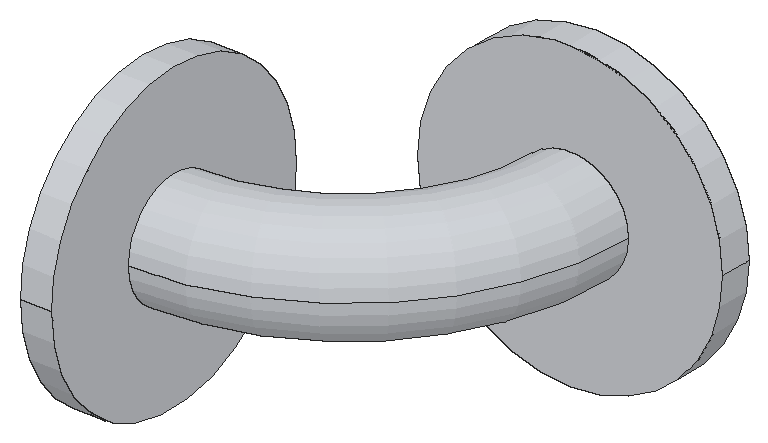
Revit family "M_Cotovelo - Flange - GI - Classe 125", category Conexões de tubo, Revit 2019
Family settings
  Cota do conector redondo = Usar raio
  Tipo de parte = Cotovelo
  Número OmniClass = 23.60.30.11.14
  Título OmniClass = Pipework Fittings
  ID de item do Seek = Elbow - Flanged - GI - Class 125-0000-CAN-ENU
  Com base no plano de trabalho = Não
  Sempre na vertical = Sim
  Corte com vazios quando carregada = Não
  Compartilhado = Não
Parameters (values of type "Padrão")
  Espessura da parede [instance] = size_lookup(Nome da tabela de pesquisa, "WThk", 0.04 * Diâmetro nominal + 7.938 mm, Diâmetro nominal)  # 7.9 mm
  Tamanho da marca de revisão [instance] = Diâmetro da flange * 0.4  # 43.2 mm
  Método de perda = Coeficiente K da tabela
  Nome da tabela de pesquisa = "M_Elbow - Flanged - GI - Class 125"
  Comprimento 3 [instance] = Centro à face * sin(Ângulo)  # 89 mm
  Comprimento 2 [instance] = Centro à face * cos(Ângulo) + Centro à face  # 89 mm
  Tabela de coeficiente K = "Cotovelo regular flangeado 90 e 180"
  Raio externo da conexão [instance] = Diâmetro externo da conexão / 2  # 20.4 mm
  Diâmetro externo da conexão [instance] = Diâmetro interno da conexão + Espessura da parede * 2  # 40.8 mm
  Comprimento 1 [instance] = (Raio externo da conexão + 0.794 mm) * tan(Ângulo / 2) + Espessura do flange  # 32.294 mm
  Raio nominal [instance] = 12.5 mm
  Diâmetro nominal [instance] = Raio nominal * 2  # 25 mm
  Diâmetro interno da conexão [instance] = size_lookup(Nome da tabela de pesquisa, "FID", 1.02 * Diâmetro nominal - 1.091 mm, Diâmetro nominal)  # 25 mm
  Centro à face 1 [instance] = size_lookup(Nome da tabela de pesquisa, "CtF1", 0.68 * Diâmetro nominal + 95.647 mm, Diâmetro nominal)  # 89 mm
  Centro à face 2 [instance] = size_lookup(Nome da tabela de pesquisa, "CtF2", 0.46 * Diâmetro nominal + 40.481 mm, Diâmetro nominal)  # 45 mm
  Centro à face [instance] = if(and(Ângulo > 0.00°, (not(Ângulo > 45.00°))), if(Centro à face 2 > Raio externo da conexão * tan(Ângulo / 2) + Espessura do flange, Centro à face 2, Comprimento 1), if(Centro à face 1 > Raio externo da conexão * tan(Ângulo / 2) + Espessura do flange, Centro à face 1, Comprimento 1))  # 89 mm
  Raio do centro [instance] = (Centro à face - Espessura do flange) / tan(Ângulo / 2)  # 77.9 mm
  Espessura do flange [instance] = size_lookup(Nome da tabela de pesquisa, "FThk", 0.05 * Diâmetro nominal + 15.974 mm, Diâmetro nominal)  # 11.1 mm
  Raio da flange [instance] = Diâmetro da flange / 2  # 54 mm
  Diâmetro da flange [instance] = size_lookup(Nome da tabela de pesquisa, "FDia", 1.19 * Diâmetro nominal + 100.806 mm, Diâmetro nominal)  # 108 mm
  Assembly Code = ""
  Ângulo [instance] = 90.00°
Reference planes
  plane 1 "Centro (Frente/Trás)": y = 0
  plane 2: z = 0
  plane 3 "Centro (Esquerda/Direita)": x = 0
  plane 4: x = -77.9
  plane 5: x = -89
  plane 6: y = 77.9
  plane 7: y = 43.2
  plane 8: y = -43.2
  plane 9: y = 89
  plane 10: x = 0
Forms (mm)
  Sweep 1, solid, detail levels fine
    path in 3D
      loop
        arc (-77.9, 0, 0) -> (-22.816, 22.816, 0) -> (0, 77.9, 0) r 77.9
    profile origin (-22.816, 22.816, 0) x (-0.707107, 0.707107, 0) y (0, 0, 1)
      loop
        circle (0, 0) r 20.4
  Sweep 2, solid, detail levels fine
    path in 3D
      loop
        line (-89, 0, 0) -> (-77.9, 0, 0)
    profile origin (-83.45, 0, 0) x (0, 1, 0) y (0, 0, 1)
      loop
        circle (0, 0) r 54
  Sweep 3, solid, detail levels fine
    path in 3D
      loop
        line (0, 77.9, 0) -> (0, 89, 0)
    profile origin (0, 83.45, 0) x (-1, 0, 0) y (0, 0, 1)
      loop
        circle (0, 0) r 54
Cuts and joins
  joined: Sweep 1, Sweep 2, Sweep 3
Lines and regions (mm)
  model lines, detail levels coarse+medium
    curve 1: line (-89, 0, 0) -> (-77.9, 0, 0)
    curve 2: arc (-77.9, 0, 0) -> (-22.816, 22.816, 0) -> (0, 77.9, 0) r 77.9
    curve 3: line (0, 77.9, 0) -> (0, 89, 0)
    curve 8: line (-89, 0, 0) -> (-89, 43.2, 0)
    curve 9: line (-89, 0, 0) -> (-89, -43.2, 0)
    curve 10: line (0, 89, 0) -> (-43.2, 89, 0)
    curve 11: line (0, 89, 0) -> (43.2, 89, 0)
  sketch lines
    curve 4: arc (-77.9, 0, 0) -> (-22.816, 22.816, 0) -> (0, 77.9, 0) r 77.9
    curve 5: line (-89, 0, 0) -> (-77.9, 0, 0)
    curve 6: line (0, 77.9, 0) -> (0, 89, 0)
  reference lines
    curve 7: line (-89, 0, 0) -> (-77.9, 0, 0)
    curve 12: line (0, 89, 0) -> (0, 77.9, 0)
Dimensions and locks
  "Raio do centro": plane 6 to plane 1 "Centro (Frente/Trás)"
  "Espessura do flange": plane 5 to plane 4
  "Tamanho da marca de revisão": plane 7 to plane 1 "Centro (Frente/Trás)"
  "Tamanho da marca de revisão": plane 8 to plane 1 "Centro (Frente/Trás)"
  "Espessura do flange": curve 3 to curve 3
  "Tamanho da marca de revisão": curve 10 to curve 10
  "Tamanho da marca de revisão": curve 11 to curve 11
  "Centro à face": plane 5 to plane 3 "Centro (Esquerda/Direita)"
  "Comprimento 2": plane 5 to plane 10
  "Comprimento 3": plane 9 to plane 1 "Centro (Frente/Trás)"
  "Raio do centro": radius of curve 2
  "Raio externo da conexão": radius of Sweep 1 sketch curve
  "Raio da flange": radius of Sweep 2 sketch curve
  "Raio da flange": radius of Sweep 3 sketch curve
  "Ângulo": angle curve 2 to curve 2
  "Ângulo": angle plane 1 "Centro (Frente/Trás)" to curve 3
  locked: curve 11 to curve 3 (angle 90.00°)
  locked: curve 3 to curve 10 (angle 90.00°)
  "Ângulo": angle plane 9 to curve 12
  aligned and locked: plane 4 to curve 2
  aligned and locked: plane 5 to curve 7
  aligned and locked: plane 1 "Centro (Frente/Trás)" to curve 7
  aligned and locked: plane 7 to curve 8
  aligned and locked: plane 1 "Centro (Frente/Trás)" to curve 9
  aligned and locked: plane 8 to curve 9
  aligned and locked: curve 9 to plane 5
  aligned and locked: plane 10 to curve 12
  aligned and locked: plane 9 to curve 12
Automatic sketch dimensions
  Sweep 1 sketch curve to profile plane = 0 mm  (x2)
  Sweep 2 sketch curve to profile plane = 0 mm  (x2)
  Sweep 3 sketch curve to profile plane = 0 mm  (x2)
  curve 7 to plane 4 = 0 mm
Connectors
  piping at (-89, 0, 0), diameter 25, driven by "Ângulo", driven by "Raio nominal"
    settings: on cut or joined group of Sweep 1, Sweep 2, Sweep 3, index 1, connector inside diameter 25 mm, connector length 0 mm, flow factor 0, pipe flow 0.0 L/s, pressure drop 0.0 Pa, fitting loss kfactor 0, connector angle 90.00°, fixture units 0, engagement length 0 mm, angle of deflection 0.00°, flow configuration 0, flow direction 0, fitting loss method 0, system type 28, joint type 0, gender type 0, connector reference index 2, connector utility 0, adjustable connector no, is connector primary yes, connector description ""
  piping at (0, 89, 0), diameter 25, driven by "Ângulo", driven by "Raio nominal"
    settings: on cut or joined group of Sweep 1, Sweep 2, Sweep 3, index 2, connector inside diameter 25 mm, connector length 0 mm, flow factor 0, pipe flow 0.0 L/s, pressure drop 0.0 Pa, fitting loss kfactor 0, connector angle 90.00°, fixture units 0, engagement length 0 mm, angle of deflection 0.00°, flow configuration 0, flow direction 0, fitting loss method 0, system type 28, joint type 0, gender type 0, connector reference index 1, connector utility 0, adjustable connector no, is connector primary no, connector description ""
